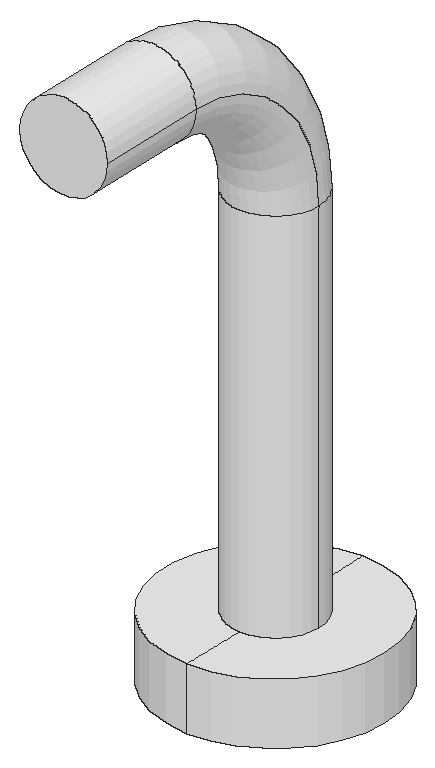
Revit family "Spout-Wall_Mounted-American_Standard-Serin-8888.421_Series", category Plumbing Fixtures, host Face, Revit 2015
Parameters (values of type "8888.421.002")
  Waste Connection = no
  Warranty Information = "Limited Lifetime Function and Finish Warranty"
  WFU = 4  # constant formula
  Vent Connection = no
  URL = "https://www.americanstandard-us.com/"
  Type Comments = ""
  Product Page URL = "https://www.americanstandard-us.com/bathroom/shower-faucets/serin-brass-tub-spout-18176"
  Product Documentation Link = "https://www.americanstandard-us.com/-/media/sites/asus/files/product-specs/bulk/specsheet8888421.pdf?la=en"
  Price = "Prices may vary. Please consult Manufacturer Representative for most up-to-date price list."  # constant formula
  Model = "8888.421.002"
  Material = "Brass-American Standard-002-Polished Chrome"
  Finish = Brass-American Standard-002-Polished Chrome
  Manufacturer = "American Standard"
  Hydronic Supply Radius = 1/4"
  Hydronic Supply Diameter = Hydronic Supply Radius * 2  # 1/2"
  HWFU = 3  # constant formula
  HW Connection = yes
  Description = "Serin Brass Tub Spout"
  Default Elevation = 0"
  Creation Date = "12/19/2014"  # constant formula
  CWFU = 3  # constant formula
  CW Connection = yes
  Assembly Code = "D2020300"
  ADA Compliant = yes
Types (3): name | Model | Material | Finish
  (no name) | "8888.421.002" | "Brass-American Standard-002-Polished Chrome" | Brass-American Standard-002-Polished Chrome
  8888.421.002 | "8888.421.002" | "Brass-American Standard-002-Polished Chrome" | Brass-American Standard-002-Polished Chrome
  8888.421.295 | "8888.421.295" | "Brass-American Standard-295-Brushed Nickel" | Brass-American Standard-295-Brushed Nickel
Reference planes (in)
  plane 1 "Center (Front/Back)": y = -43
  plane 2: z = 0
  plane 3 "Center (Left/Right)": x = 0
  plane 4: z = 6.75
  plane 5: x = 4
  plane 6: x = -4
Forms (in)
  Sweep 1, solid, material "Brass-American Standard-002-Polished Chrome" <- "Finish"
    path origin (0, -30, 0) x (0, 1, 0) y (0, 0, 1)
      loop
        line (-13, 0) -> (-13, 5)
        arc (-13, 5) -> (-13.51256, 6.23744) -> (-14.75, 6.75) r 1.75
        line (-14.75, 6.75) -> (-16, 6.75)
    profile origin (0, -43, 2.5) x (0, -1, 0) y (1, 0, 0)
      loop
        circle (0, 0) r 0.5
  Revolve 2, solid, material "Brass-American Standard-002-Polished Chrome" <- "Finish"
    sketch origin (0, -88.68609, 0) x (0, 0, -1) y (0, 1, 0)
      loop
        line (0, 45.68609) -> (-0.70701, 45.68609) -> (-0.70701, 44.43609) -> (0, 44.43609) -> (0, 45.68609)
      axis (-0.70701, 45.68609) -> (0, 45.68609)
    angle from 0 to 360
Cuts and joins
  joined: Sweep 1, Revolve 2
Lines and regions (in)
  Masking region 1
    outline origin (0, -43, 0) x (1, 0, 0) y (0, 0, 1)
      loop
        line (0.5, 0.70701) -> (0.5, 6.75)
        arc (0.5, 6.75) -> (0, 7.25) -> (-0.5, 6.75) r 0.5
        line (-0.5, 6.75) -> (-0.5, 0.70701) -> (-1.25, 0.70701) -> (-1.25, 0) -> (1.25, 0) -> (1.25, 0.70701) -> (0.5, 0.70701)
  symbolic lines, detail levels medium+fine
    curve 1: line (0.5, -43, 0.70701) -> (-0.5, -43, 0.70701)
Dimensions and locks (in)
  locked: plane 6 to plane 3 "Center (Left/Right)" at 4
  locked: plane 3 "Center (Left/Right)" to plane 5 at 4
  aligned and locked: plane 2 to host face
  aligned and locked: level to host face
Connectors (in)
  piping at (0, -43, 0), diameter 0.5, driven by "Hydronic Supply Radius"
    settings: on cut or joined group of Sweep 1, Revolve 2, index 1, connector inside diameter 24", connector length 0", flow factor 0, pipe flow 0 GPM, pressure drop 0.00 psi, fitting loss kfactor 0, connector angle 0.00°, fixture units 0, engagement length 0", angle of deflection 0.00°, flow configuration 0, flow direction 1, fitting loss method 0, system type 29, joint type 0, gender type 0, connector reference index -1, connector utility 0, adjustable connector no, is connector primary yes, connector description "1/2\" NPT Supply Inlet"
